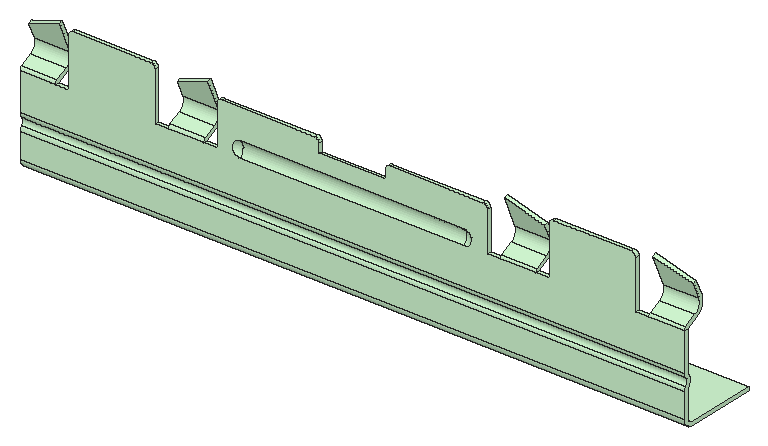
Revit family "20LバーストレートJ-eL3520(ツメ)", category 機械設備, Revit 2020
Family settings
  丸型コネクタ寸法 = 直径を使用
  種別 = なし
  パーツ タイプ = 標準
  作業面ベース = いいえ
  常に垂直 = はい
  ロード時にボイドで切り取り = いいえ
  共有 = いいえ
  部屋計算ポイント = いいえ
Parameters
  製造元 = "株式会社桐井製作所"
  既定の高さ = 0 mm
  URL = "https://www.kirii.co.jp/"
  K_材質 = "溶融亜鉛めっき鋼板及び鋼帯 SGCC 一般用"
  K_品名 = "20LバーストレートJ-eL3520(ツメ)"
  K_名称 = "Lバージョイント"
  K_入数 = "500"
  K_備考 = "対象Lバー:eL3520(20面)"
  K_バージョン情報 = "20220915"
  K_めっき付着量 = "Z12"
  K_JIS規格 = "JIS G 3302"
Reference planes
  plane 1 "中心(正面/背面)": y = 0
  plane 2: z = 0
  plane 3 "中心(左/右)": x = 0
Forms (mm)
  Extrusion 1, solid
    sketch origin (0, 0, 0) x (0, 1, 0) y (0, 0, 1)
      loop
        line (0.8, 32) -> (0, 32) -> (0, 11.359)
        arc (0, 11.359) -> (0.076, 10.853) -> (0.286, 10.387) r 1.86
        arc (0.286, 10.387) -> (0.7, 9.5) -> (0.286, 8.613) r 1.157
        arc (0.286, 8.613) -> (0.076, 8.147) -> (0, 7.641) r 1.86
        line (0, 7.641) -> (0, 2)
        arc (0, 2) -> (0.586, 0.586) -> (2, 0) r 2
        line (2, 0) -> (18, 0) -> (18, 0.8) -> (2, 0.8)
        arc (2, 0.8) -> (1.151, 1.151) -> (0.8, 2) r 1.2
        line (0.8, 2) -> (0.8, 8)
        arc (0.8, 8) -> (1.5, 9.5) -> (0.8, 11) r 1.957
        line (0.8, 11) -> (0.8, 32)
    from -75 to 75
  Extrusion 2, void
    sketch origin (0, 0, 0) x (1, 0, 0) y (0, 0, 1)
      loop
        arc (-64, 31) -> (-63.707, 31.707) -> (-63, 32) r 1
        line (-63, 32) -> (-75, 32) -> (-75, 20) -> (-64, 20) -> (-64, 31)
      loop
        line (-44.5, 31) -> (-44.5, 20) -> (-30.5, 20) -> (-30.5, 29)
        arc (-30.5, 29) -> (-30.207, 29.707) -> (-29.5, 30) r 1
        line (-29.5, 30) -> (-8.5, 30)
        arc (-8.5, 30) -> (-7.793, 29.707) -> (-7.5, 29) r 1
        line (-7.5, 29) -> (-7.5, 27) -> (7.5, 27) -> (7.5, 29)
        arc (7.5, 29) -> (7.793, 29.707) -> (8.5, 30) r 1
        line (8.5, 30) -> (29.5, 30)
        arc (29.5, 30) -> (30.207, 29.707) -> (30.5, 29) r 1
        line (30.5, 29) -> (30.5, 20) -> (44.5, 20) -> (44.5, 31)
        arc (44.5, 31) -> (44.793, 31.707) -> (45.5, 32) r 1
        line (45.5, 32) -> (-45.5, 32)
        arc (-45.5, 32) -> (-44.793, 31.707) -> (-44.5, 31) r 1
      loop
        line (64, 31) -> (64, 20) -> (75, 20) -> (75, 32) -> (63, 32)
        arc (63, 32) -> (63.707, 31.707) -> (64, 31) r 1
    from -0.8 to 0
  Extrusion 3, solid
    sketch origin (0, 0, 0.6) x (0, 1, 0) y (0, 0, 1)
      loop
        line (1.852, 31.49) -> (1.114, 31.18) -> (4.028, 24.253)
        arc (4.028, 24.253) -> (4.069, 22.651) -> (3.012, 21.446) r 2.2
        line (3.012, 21.446) -> (0.432, 20.11)
        arc (0.432, 20.11) -> (0.143, 19.8) -> (0.002, 19.4) r 1.035
        line (0.002, 19.4) -> (0.8, 19.4) -> (3.38, 20.736)
        arc (3.38, 20.736) -> (4.821, 22.379) -> (4.765, 24.563) r 3
        line (4.765, 24.563) -> (1.852, 31.49)
    from -75 to -67
  Extrusion 4, void
    sketch origin (0, 14.073, 3.685) x (1, 0, 0) y (0, 0.38773, -0.921773)
      loop
        line (-75, -30.922) -> (-67.031, -30.922) -> (-75, -27.281) -> (-75, -30.922)
    from -1.052 to -0.252
  Extrusion 5, solid
    sketch origin (33.5, 0, 0.6) x (0, 1, 0) y (0, 0, 1)
      loop
        line (1.852, 31.49) -> (1.114, 31.18) -> (4.028, 24.253)
        arc (4.028, 24.253) -> (4.069, 22.651) -> (3.012, 21.446) r 2.2
        line (3.012, 21.446) -> (0.432, 20.11)
        arc (0.432, 20.11) -> (0.143, 19.8) -> (0.002, 19.4) r 1.035
        line (0.002, 19.4) -> (0.8, 19.4) -> (3.38, 20.736)
        arc (3.38, 20.736) -> (4.821, 22.379) -> (4.765, 24.563) r 3
        line (4.765, 24.563) -> (1.852, 31.49)
    from -75 to -67
  Extrusion 6, void
    sketch origin (33.5, 14.073, 3.685) x (1, 0, 0) y (0, 0.38773, -0.921773)
      loop
        line (-75, -30.922) -> (-67.031, -30.922) -> (-75, -27.281) -> (-75, -30.922)
    from -1.052 to -0.252
  Extrusion 7, solid
    sketch origin (108.5, 0, 0.6) x (0, 1, 0) y (0, 0, 1)
      loop
        line (1.852, 31.49) -> (1.114, 31.18) -> (4.028, 24.253)
        arc (4.028, 24.253) -> (4.069, 22.651) -> (3.012, 21.446) r 2.2
        line (3.012, 21.446) -> (0.432, 20.11)
        arc (0.432, 20.11) -> (0.143, 19.8) -> (0.002, 19.4) r 1.035
        line (0.002, 19.4) -> (0.8, 19.4) -> (3.38, 20.736)
        arc (3.38, 20.736) -> (4.821, 22.379) -> (4.765, 24.563) r 3
        line (4.765, 24.563) -> (1.852, 31.49)
    from -75 to -67
  Extrusion 8, void
    sketch origin (-33.5, 14.073, 3.685) x (-1, 0, 0) y (0, -0.38773, 0.921773)
      loop
        line (-75, 30.922) -> (-75, 27.281) -> (-67.031, 30.922) -> (-75, 30.922)
    from -1.052 to -0.252
  Extrusion 9, solid
    sketch origin (142, 0, 0.6) x (0, 1, 0) y (0, 0, 1)
      loop
        line (1.852, 31.49) -> (1.114, 31.18) -> (4.028, 24.253)
        arc (4.028, 24.253) -> (4.069, 22.651) -> (3.012, 21.446) r 2.2
        line (3.012, 21.446) -> (0.432, 20.11)
        arc (0.432, 20.11) -> (0.143, 19.8) -> (0.002, 19.4) r 1.035
        line (0.002, 19.4) -> (0.8, 19.4) -> (3.38, 20.736)
        arc (3.38, 20.736) -> (4.821, 22.379) -> (4.765, 24.563) r 3
        line (4.765, 24.563) -> (1.852, 31.49)
    from -75 to -67
  Extrusion 10, void
    sketch origin (0, 14.073, 3.685) x (-1, 0, 0) y (0, -0.38773, 0.921773)
      loop
        line (-75, 30.922) -> (-75, 27.281) -> (-67.031, 30.922) -> (-75, 30.922)
    from -1.052 to -0.252
  Extrusion 11, solid
    sketch origin (-0.031, 0.8, 0.643) x (0, -1, 0) y (0, 0, -1)
      loop
        line (0, -22.5) -> (0, -19)
        arc (0, -19) -> (-0.8, -20.75) -> (0, -22.5) r 2.314
    from -25.25 to 25.25
  Revolve 12, solid
    sketch origin (-25.281, 0.8, 0.643) x (0, -1, 0) y (0, 0, -1)
      loop
        line (0, -20.75) -> (0, -19)
        arc (0, -19) -> (-0.591, -19.788) -> (-0.8, -20.75) r 2.314
        line (-0.8, -20.75) -> (0, -20.75)
      axis (0, -20.75) -> (-1, -20.75)
    angle from 0 to 360
  Revolve 13, solid
    sketch origin (25.219, 0.8, 0.643) x (0, -1, 0) y (0, 0, -1)
      loop
        line (0, -20.75) -> (0, -19)
        arc (0, -19) -> (-0.591, -19.788) -> (-0.8, -20.75) r 2.314
        line (-0.8, -20.75) -> (0, -20.75)
      axis (0, -20.75) -> (-1, -20.75)
    angle from 0 to 360
  Extrusion 14, solid
    sketch origin (-0.031, 0.8, 0.643) x (0, -1, 0) y (0, 0, -1)
      loop
        line (0, -22.5) -> (0, -19)
        arc (0, -19) -> (-0.8, -20.75) -> (0, -22.5) r 2.314
    from -25.25 to 25.25
  Revolve 15, solid
    sketch origin (-25.281, 0.8, 0.643) x (0, -1, 0) y (0, 0, -1)
      loop
        line (0, -20.75) -> (0, -19)
        arc (0, -19) -> (-0.591, -19.788) -> (-0.8, -20.75) r 2.314
        line (-0.8, -20.75) -> (0, -20.75)
      axis (0, -20.75) -> (-1, -20.75)
    angle from 0 to 360
  Revolve 16, solid
    sketch origin (25.219, 0.8, 0.643) x (0, -1, 0) y (0, 0, -1)
      loop
        line (0, -20.75) -> (0, -19)
        arc (0, -19) -> (-0.591, -19.788) -> (-0.8, -20.75) r 2.314
        line (-0.8, -20.75) -> (0, -20.75)
      axis (0, -20.75) -> (-1, -20.75)
    angle from 0 to 360
  Extrusion 17, void
    sketch origin (-0.031, 0, 0.643) x (0, -1, 0) y (0, 0, -1)
      loop
        line (0, -22.5) -> (0, -19)
        arc (0, -19) -> (-0.8, -20.75) -> (0, -22.5) r 2.314
    from -25.25 to 25.25
  Revolve 18, void
    sketch origin (-25.281, 0, 0.643) x (0, -1, 0) y (0, 0, -1)
      loop
        line (0, -20.75) -> (0, -19)
        arc (0, -19) -> (-0.591, -19.788) -> (-0.8, -20.75) r 2.314
        line (-0.8, -20.75) -> (0, -20.75)
      axis (0, -20.75) -> (-1, -20.75)
    angle from 0 to 360
  Revolve 19, void
    sketch origin (25.219, 0, 0.643) x (0, -1, 0) y (0, 0, -1)
      loop
        line (0, -20.75) -> (0, -19)
        arc (0, -19) -> (-0.591, -19.788) -> (-0.8, -20.75) r 2.314
        line (-0.8, -20.75) -> (0, -20.75)
      axis (0, -20.75) -> (-1, -20.75)
    angle from 0 to 360
  Extrusion 20, void
    sketch origin (0, 0, 0) x (1, 0, 0) y (0, 1, 0)
      loop
        line (-3.5, 18) -> (-3.5, 15.5) -> (3.5, 15.5) -> (3.5, 18) -> (-3.5, 18)
    from 0 to 0.8
Cuts and joins
  Extrusion 2, Extrusion 17, Revolve 18, Revolve 19, Extrusion 20 cuts Extrusion 1
  joined: Extrusion 1, Extrusion 11, Revolve 12, Revolve 13, Extrusion 14, Revolve 15, Revolve 16
  Extrusion 4, Extrusion 6 cuts Extrusion 3
  Extrusion 6 cuts Extrusion 5
  Extrusion 10 cuts Extrusion 9
  Extrusion 8 cuts Extrusion 7
Dimensions and locks
  aligned and locked: level to plane 2
